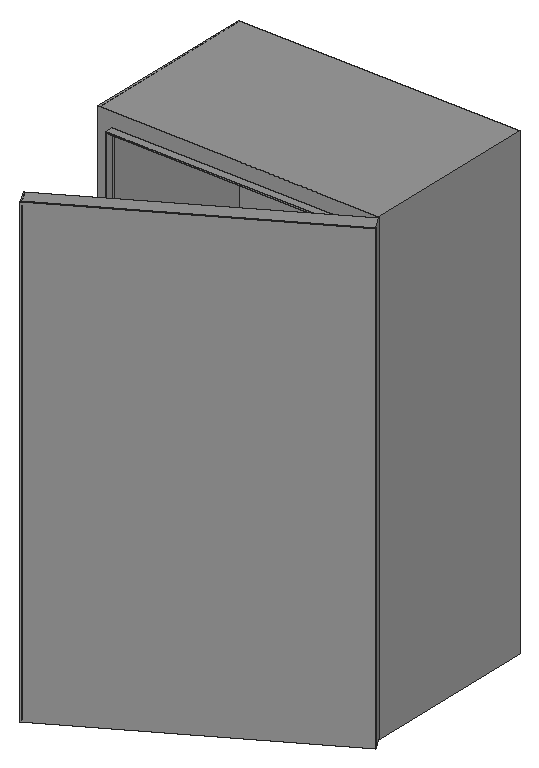
Revit family "Hager-Univers-IP44-D205-Cl.I-enclosure_metering-NoHosted-CH-it", category Electrical Equipment, Revit 2020
Family settings
  Panel Configuration = Two Columns, Circuits Across
  Round Connector Dimension = Use Diameter
  Part Type = Panelboard
  Work Plane-Based = Yes
  Always vertical = Yes
  Cut with Voids When Loaded = No
  Shared = No
  Room Calculation Point = No
Parameters (values of type "A parete IP44 L300 A500 P205  - ZB011T")
  Width Control [instance] = if([EF000008 - Larghezza] > Min Width, [EF000008 - Larghezza], Min Width)  # 300 mm
  Type Comments = [HG000003 - Gamma]  # "Univers"
  Thickness Door [instance] = if([EF009171 - spessore materiale porta/coperchio] > 3 mm, 3 mm, [EF009171 - spessore materiale porta/coperchio])  # 1 mm
  Seal Frame Offset [instance] = 17 mm  # constant formula
  Plinth Visibility [instance] = [HG000027 - Altezza dello zoccolo] > 0 mm  # no
  Min Width [instance] = 100 mm  # constant formula
  Min Depth [instance] = (2 * [EF009170 - spessore materiale scatola]) + 1 mm  # 3 mm
  Min Height [instance] = 100 mm  # constant formula
  Internal Frame Depth [instance] = (Door System Depth * 0.5)  # 9 mm
  Panel Name [instance] = ""  # (empty or 0)
  Model = ""
  HG000027 - Altezza dello zoccolo = 0 mm
  HG000026 - A pavimento = no
  HG000024 - Altezza della sezione inferiore = 600 mm
  HG000023 - Custodia a doppia sezione = no
  HG000016 - Visibilità delle porte nella vista 3D [instance] = yes
  HG000015 - Visibilità attraverso la porta [instance] = no
  HG000014 - Porta destra [instance] = yes
  HG000013 - Porta sinistra [instance] = not([HG000014 - Porta destra])  # no
  HG000012 - Angolo di apertura della porta [instance] = 30.00°
  HG000010 - Porte asimmetriche = no
  HG000009 - Porta doppia a battente = no
  HG000006 - Ad incasso = no
  HG000004 - Codice produttore = "ZB011T"
  HG000003 - Gamma = "Univers"
  HG000002 - Con porta = yes
  Frame Offset Bottom [instance] = 10 mm  # constant formula
  Frame Offset [instance] = 15 mm  # constant formula
  EF015940 - Coprire con rilascio di sovrapressione = no
  EF011959 - tipo di protezione (NEMA) = ""
  EF009554 - numero delle aperture per la piastra della flangia = 0
  EF009212 - esecuzione coperchio = "EV000116 - chiuso"
  EF009171 - spessore materiale porta/coperchio = 1 mm
  EF009170 - spessore materiale scatola = 1 mm
  EF008873 - corrente nominale (In) = 250 A
  EF007800 - adatto per parafulmine = no
  EF006306 - con serratura = no
  EF006244 - coperchio/porta trasparente = no
  EF005474 - grado di protezione (IP) = "EV006418 - IP44"
  EF004464 - tipo di porta = "EV002646 - singolo"
  EF004427 - numero di moduli = 48
  EF004293 - resistenza agli urti = "EV006815 - IK09"
  EF003532 - adatto per uso esterno = no
  EF002950 - Numero moduli DIN = 0
  EF001613 - Integrità del circuito = "EV000494 - senza"
  EF001596 - Attacco Lampada = "EV000179 - acciaio"
  EF001131 - profondità interna = 0 mm
  EF001088 - possibilità di applicazione = yes
  EF000437 - numero di ingressi per conduttori = 0
  EF000339 - tipo di copertura = "EV004216 - porta"
  EF000266 - numero di file = 4
  EF000218 - profondità di incasso = 0 mm
  EF000118 - con piastra di montaggio = no
  EF000116 - numero RAL = "9010"
  EF000049 - profondità = 205 mm
  EF000040 - Altezza = 500 mm
  EF000008 - Larghezza = 300 mm
  EF000007 - colore = "EV000202 - bianco"
  EF000003 - Tipo di montaggio = "EV000384 - A parete"
  Door System Leaf Tolerance [instance] = 1.5 mm  # constant formula
  Door System Depth [instance] = 18 mm  # constant formula
  Door Height [instance] = Height Control - [HG000027 - Altezza dello zoccolo]  # 500 mm
  Description = ""
  Default Elevation = 1219.2 mm
  Connector Offset [instance] = Height Control / 2  # 250 mm
  Manufacturer = "Hager"  # constant formula
  Height Control [instance] = if([EF000040 - Altezza] > Min Height, [EF000040 - Altezza], Min Height)  # 500 mm
  Depth Control [instance] = if([EF000049 - profondità] > Min Depth, [EF000049 - profondità], Min Depth)  # 205 mm
  Bottom Top Plate Trim [instance] = 1.5 mm  # constant formula
  Plinth height Ctrl [instance] = if([HG000027 - Altezza dello zoccolo] > 0 mm, [HG000027 - Altezza dello zoccolo], 12 mm)  # 12 mm
Types (3, lengths in mm): name | Width Control | HG000004 - Codice produttore | EF004464 - tipo di porta | EF004427 - numero di moduli | EF000266 - numero di file | EF000008 - Larghezza
  A parete IP44 L1050 A500 P205  - ZB014T | 1050 | "ZB014T" | "EV003602 - doppio" | 144 | 0 | 1050
  A parete IP44 L1300 A500 P205  - ZB015T | 1300 | "ZB015T" | "EV003602 - doppio" | 180 | 0 | 1300
  A parete IP44 L300 A500 P205  - ZB011T | 300 | "ZB011T" | "EV002646 - singolo" | 48 | 4 | 300
Reference planes
  plane 1 "Center (Front/Back)": y = 0
  plane 2: z = 0
  plane 3 "Center (Left/Right)": x = 0
  plane 4: y = 0
  plane 5: y = 0
  plane 6: z = 0
  plane 7: x = -150
  plane 8: x = 150
  plane 9: x = 149
  plane 10: x = -149
  plane 11: z = 0
  plane 12: z = 1
  plane 13: y = -205
  plane 14: y = -1
  plane 15: x = 0
  plane 16: y = -187
  plane 17: y = -204
  plane 18: y = -186
  plane 19: x = -134
  plane 20: x = 134
  plane 21: z = 11
  plane 22: x = -133
  plane 23: x = 133
  plane 24: z = 0
  plane 25: z = 500
  plane 26: z = 500
  plane 27: z = 484
  plane 28: z = 499
Forms (mm)
  Extrusion 1, solid, material "Hager_Steel_RAL7035_Light_Grey", detail levels medium+fine
    sketch origin (-208.679, -4572, 0) x (-1, 0, 0) y (0, -1, 0)
      loop
        line (-58.679, -4385) -> (-358.679, -4385) -> (-358.679, -4572) -> (-58.679, -4572) -> (-58.679, -4385)
    from 0 to 500
  Extrusion 2, void
    sketch origin (-350.771, -205, 1219.2) x (1, 0, 0) y (0, 0, 1)
      loop
        line (201.771, -720.2) -> (201.771, -1218.2) -> (499.771, -1218.2) -> (499.771, -720.2) -> (201.771, -720.2)
    from -19 to -204
  Extrusion 3, void
    sketch origin (-290.084, -187, 1219.2) x (1, 0, 0) y (0, 0, 1)
      loop
        line (156.084, -1208.2) -> (424.084, -1208.2) -> (424.084, -735.2) -> (156.084, -735.2) -> (156.084, -1208.2)
    from 0 to -1
  Extrusion 4, solid, material "Hager_Steel_RAL7035_Light_Grey", visible <- "Plinth Visibility", detail levels medium+fine
    sketch origin (0, 0, 0) x (1, 0, 0) y (0, 1, 0)
      loop
        line (-150, 0) -> (-150, -187) -> (150, -187) -> (150, 0) -> (-150, 0)
    from 0 to 12 <- "Plinth height Ctrl"
  Extrusion 5, solid, material "Hager_Steel_RAL7035_Light_Grey", detail levels coarse
    sketch origin (0, 0, 0) x (1, 0, 0) y (0, 1, 0)
      loop
        line (-150, 0) -> (-150, -205) -> (150, -205) -> (150, 0) -> (-150, 0)
    from 0 to 500 <- "Height Control"
  Sweep 6, void
    path in 3D
      loop
        line (-150, -187, 12) -> (150, -187, 12) -> (150, 0, 12) -> (-150, 0, 12) -> (-150, -187, 12)
    profile origin (-150, -93.5, 12) x (1, 0, 0) y (0, 0, 1)
      loop
        line (0, 0) -> (0, -1.5) -> (1.5, -1.5)
        arc (1.5, -1.5) -> (1.061, -0.439) -> (0, 0) r 1.5
  Extrusion 7, solid, material "Hager_Steel_RAL7035_Light_Grey", detail levels fine
    sketch origin (-150, -187, 0) x (1, 0, 0) y (0, 0, 1)
      loop
        line (16, 11) -> (284, 11) -> (284, 484) -> (16, 484) -> (16, 11)
      loop
        line (15, 10) -> (285, 10) -> (285, 485) -> (15, 485) -> (15, 10)
    from 0 to 9 <- "Internal Frame Depth"
Cuts and joins
  Extrusion 2, Extrusion 3 cuts Extrusion 1
  Sweep 6 cuts Extrusion 4
Lines and regions (mm)
  Masking region 1
    outline origin (0, 0, 0) x (1, 0, 0) y (0, 1, 0)
      loop
        line (-150, 0) -> (-150, -205) -> (150, -205) -> (150, 0) -> (-150, 0)
  Masking region 2, detail levels coarse
    outline origin (-290.084, -187, 1219.2) x (-1, 0, 0) y (0, 0, 1)
      loop
        line (-440.084, -1219.2) -> (-140.084, -1219.2) -> (-140.084, -719.2) -> (-440.084, -719.2) -> (-440.084, -1219.2)
  Masking region 3, detail levels coarse
    outline origin (0, 0, 0) x (0, 1, 0) y (0, 0, 1)
      loop
        line (0, 0) -> (0, 500) -> (-205, 500) -> (-205, 0) -> (0, 0)
  Masking region 4, visible <- "Plinth Visibility", detail levels medium+fine
    outline origin (0, 0, 0) x (0, 1, 0) y (0, 0, 1)
      loop
        line (-1.5, 12) -> (-185.5, 12)
        arc (-185.5, 12) -> (-185.939, 10.939) -> (-187, 10.5) r 1.5
        line (-187, 10.5) -> (-187, 0) -> (0, 0) -> (0, 10.5)
        arc (0, 10.5) -> (-1.061, 10.939) -> (-1.5, 12) r 1.5
  Masking region 5, detail levels medium+fine
    outline origin (0, 0, 594.038) x (0, 1, 0) y (0, 0, 1)
      loop
        line (0, -594.038) -> (0, -94.038) -> (-187, -94.038) -> (-187, -594.038) -> (0, -594.038)
  Masking region 6, detail levels medium+fine
    outline origin (-359.7, -187, 1211.883) x (-1, 0, 0) y (0, 0, 1)
      loop
        line (-509.7, -1211.883) -> (-209.7, -1211.883) -> (-209.7, -711.883) -> (-509.7, -711.883) -> (-509.7, -1211.883)
  Masking region 7, visible <- "Plinth Visibility", detail levels medium+fine
    outline origin (-320.334, -187, 1041.368) x (-1, 0, 0) y (0, 0, 1)
      loop
        line (-470.334, -1041.368) -> (-170.334, -1041.368) -> (-170.334, -1030.868)
        arc (-170.334, -1030.868) -> (-171.394, -1030.429) -> (-171.834, -1029.368) r 1.5
        line (-171.834, -1029.368) -> (-468.834, -1029.368)
        arc (-468.834, -1029.368) -> (-469.273, -1030.429) -> (-470.334, -1030.868) r 1.5
        line (-470.334, -1030.868) -> (-470.334, -1041.368)
  sketch lines
    curve 1: line (-150, 0, 12) -> (-150, -187, 12)
    curve 2: line (-150, -187, 12) -> (150, -187, 12)
    curve 3: line (150, 0, 12) -> (-150, 0, 12)
    curve 4: line (150, -187, 12) -> (150, 0, 12)
Dimensions and locks
  locked: plane 1 "Center (Front/Back)" to plane 5
  "EF009170 - spessore materiale scatola": plane 7 to plane 10
  "EF009170 - spessore materiale scatola": plane 8 to plane 9
  equal spacing: plane 7, plane 3 "Center (Left/Right)", plane 8
  "Width Control": plane 7 to plane 8
  "Depth Control": plane 4 to plane 13
  "EF009170 - spessore materiale scatola": plane 4 to plane 14
  "Height Control": plane 25 to level
  "HG000027 - Altezza dello zoccolo": plane 11 to level
  "EF009170 - spessore materiale scatola": plane 12 to plane 11
  "EF009170 - spessore materiale scatola": plane 17 to plane 13
  "EF009170 - spessore materiale scatola": plane 18 to plane 16
  "Frame Offset Bottom": plane 21 to plane 12
  "Frame Offset": plane 10 to plane 19
  "Frame Offset": plane 9 to plane 20
  "Door System Depth": plane 16 to plane 13
  "Seal Frame Offset": plane 7 to plane 22
  "Seal Frame Offset": plane 8 to plane 23
  "EF009170 - spessore materiale scatola": plane 26 to plane 28
  "Frame Offset": plane 28 to plane 27
  "Connector Offset": plane 2 to connector elem
  "Bottom Top Plate Trim": profile plane to Sweep 6 sketch curve
  "Bottom Top Plate Trim": Sweep 6 sketch curve to Sweep 6 sketch curve
  "Plinth height Ctrl": Masking region 4 sketch curve to level
  "Plinth height Ctrl": Masking region 7 sketch curve to level
  "Thickness Door": Extrusion 7 sketch curve to Extrusion 7 sketch curve  (x4)
  "Bottom Top Plate Trim": radius of Sweep 6 sketch curve
  "Bottom Top Plate Trim": radius of Masking region 4 sketch curve  (x2)
  "Bottom Top Plate Trim": radius of Masking region 7 sketch curve  (x2)
  aligned and locked: plane 12 to Extrusion 2 sketch curve
  aligned and locked: Extrusion 2 sketch curve to plane 9
  aligned and locked: Extrusion 2 sketch curve to plane 10
  aligned and locked: plane 14 to Extrusion 2
  aligned and locked: plane 4 to Extrusion 1 sketch curve
  aligned and locked: plane 8 to Extrusion 1 sketch curve
  aligned and locked: plane 7 to Extrusion 1 sketch curve
  aligned and locked: Extrusion 2 to plane 18
  aligned and locked: plane 19 to Extrusion 3 sketch curve
  aligned and locked: plane 20 to Extrusion 3 sketch curve
  aligned and locked: Extrusion 3 to Extrusion 2
  aligned and locked: Extrusion 3 sketch curve to plane 21
  aligned and locked: plane 3 "Center (Left/Right)" to nested 1
  aligned and locked: Extrusion 1 sketch curve to plane 16
  aligned and locked: Extrusion 4 sketch curve to cut or joined group of Extrusion 1, Extrusion 2, Extrusion 3
  aligned and locked: Masking region 1 sketch curve to plane 7
  aligned and locked: Masking region 1 sketch curve to plane 5
  aligned and locked: Masking region 1 sketch curve to plane 8
  aligned and locked: Masking region 2 sketch curve to level
  aligned and locked: level to Masking region 3 sketch curve
  aligned and locked: plane 1 "Center (Front/Back)" to Masking region 3 sketch curve
  aligned and locked: plane 13 to Masking region 3 sketch curve
  aligned and locked: plane 5 to Masking region 4 sketch curve
  aligned and locked: Masking region 2 sketch curve to plane 8
  aligned and locked: Masking region 2 sketch curve to plane 7
  aligned and locked: plane 7 to nested 2
  aligned and locked: nested 2 to plane 5
  aligned and locked: plane 5 to Masking region 5 sketch curve
  aligned and locked: plane 26 to Masking region 5 sketch curve
  aligned and locked: Extrusion 5 sketch curve to plane 8
  aligned and locked: Extrusion 5 sketch curve to plane 7
  aligned and locked: Extrusion 5 sketch curve to plane 5
  aligned and locked: plane 27 to Extrusion 3 sketch curve
  aligned and locked: Extrusion 2 sketch curve to plane 28
  aligned and locked: Masking region 2 to plane 25
  aligned and locked: Extrusion 4 to plane 16
  aligned and locked: profile plane to Sweep 6 sketch curve
  aligned and locked: Masking region 5 sketch curve to plane 24
  aligned and locked: level to Masking region 4 sketch curve
  aligned and locked: Masking region 1 to plane 13
  aligned and locked: nested 1 to plane 16
  aligned and locked: Masking region 3 to plane 25
  aligned and locked: plane 16 to Masking region 4 sketch curve
  aligned and locked: Masking region 5 sketch curve to plane 16
  aligned and locked: plane 24 to plane 11
  aligned and locked: plane 26 to plane 25
  aligned and locked: plane 26 to cut or joined group of Extrusion 1, Extrusion 2, Extrusion 3
  aligned and locked: nested 1 to plane 24
  aligned and locked: Extrusion 1 to Extrusion 3
  aligned and locked: Masking region 6 sketch curve to plane 8
  aligned and locked: plane 24 to Masking region 6 sketch curve
  aligned and locked: Masking region 6 sketch curve to plane 7
  aligned and locked: Masking region 6 sketch curve to plane 26
  aligned and locked: Masking region 7 sketch curve to plane 7
  aligned and locked: level to Masking region 7 sketch curve
  aligned and locked: Masking region 7 sketch curve to plane 8
  aligned and locked: Extrusion 7 sketch curve to cut or joined group of Extrusion 1, Extrusion 2, Extrusion 3  (x4)
Automatic sketch dimensions
  plane 19 to Extrusion 3 sketch curve = 0 mm
  Extrusion 3 sketch curve to plane 20 = 0 mm
  Extrusion 3 sketch curve to plane 21 = 0 mm
  Extrusion 4 sketch curve to plane 7 = 0 mm
  Extrusion 4 sketch curve to plane 8 = 0 mm
  Extrusion 4 sketch curve to plane 16 = 0 mm
  Masking region 1 sketch curve to plane 13 = 0 mm
  Masking region 2 sketch curve to plane 25 = 0 mm
  Masking region 3 sketch curve to plane 25 = 0 mm
  Extrusion 5 sketch curve to plane 13 = 0 mm
  profile plane to Sweep 6 sketch curve = 0 mm
Nested families
  nested 1: "EC000058_Univers_Door" at (0, -187, 0), Double <- "HG000009 - Porta doppia a battente", Transparent <- "EF006244 - coperchio/porta trasparente", Angle <- "HG000012 - Angolo di apertura della porta", Door_Right <- "HG000014 - Porta destra", Assymetrical <- "HG000010 - Porte asimmetriche", Door <- "HG000002 - Con porta", Width_Ctrl <- "Width Control", 3d_Door <- "HG000016 - Visibilità delle porte nella vista 3D", Clearance <- "HG000015 - Visibilità attraverso la porta", Door_Left <- "HG000013 - Porta sinistra", Width <- "Width Control", Door_Depth <- "Door System Depth", Leaf_Tolerance <- "Door System Leaf Tolerance", Height <- "Door Height", Lock_Visibility <- "EF006306 - con serratura", Thickness <- "Thickness Door", type "EC000058_Univers_Door", detail levels medium+fine
    with min_wh 3 mm, Width_Ctrl 300 mm, Width 300 mm, Transparent no, Thickness 1 mm, Seal_Material Hager_Rubber, Lock_Visibility no, Lock_Material Hager_Plastic_RAL9005_Jet_Black, Leaf_Width 300 mm, Leaf_Tolerance_External_Sides 0 mm, Leaf_Tolerance 1.5 mm, Leaf_Offset 0 mm, Leaf_Height 497 mm, Leaf_2_Width 300 mm, Leaf_2_Offset 150 mm, Leaf_1_Width 300 mm, Leaf_1_Offset 150 mm, Height_Ctrl 500 mm, Height 500 mm, Glass_Material Hager_Glass, Double_Clearance_Ctrl no, Double no, Door_Right_Ctrl yes, Door_Right yes, Door_Material Hager_Steel_RAL7035_Light_Grey, Door_Left_Ctrl no, Door_Left no, Door_Depth 18 mm, Door yes, Clearance_Material Hager_Clearance, Clearance_Depth 300 mm, Clearance_Ctrl no, Clearance no, Assymetrical no, Angle 30.00°, 3d_Door yes
  nested 2: "Hager_Enclosure_Symbol" at (-150, 0, 0), Height <- "Depth Control", Width <- "Width Control", type "Hager_Enclosure_Symbol"
    with Width_Ctrl 300 mm, Width 300 mm, Height_Ctrl 205 mm, Height 205 mm, A_Width_Int 13.453 mm, A_Width 161.438 mm, A_Height_Ctrl 179.375 mm, A_Height 179.375 mm
Connectors
  electrical at (0, 0, 250)
    settings: on plane 1 "Center (Front/Back)", index 1, voltage 0 V, apparent load 0 VA, apparent load phase1 0 VA, apparent load phase2 0 VA, apparent load phase3 0 VA, power factor 1, load classification "Other", number of poles 1, system type 30, power factor state 1, is connector primary yes, connector utility no, sub classification motor no, connector description ""
Definition of nested family "EC000058_Univers_Door"
  Parameters (values of type "EC000058_Univers_Door")
    min_wh [instance] = (2 * Thickness) + 1 mm  # 11 mm
    Width_Ctrl [instance] = 400 mm
    Width [instance] = 500 mm
    Transparent [instance] = yes
    Thickness [instance] = 5 mm
    Seal_Material [instance] = none
    Lock_Visibility [instance] = yes
    Lock_Material [instance] = none
    Leaf_Width [instance] = if((Width_Ctrl - 2 * Leaf_Tolerance_External_Sides) > 0 mm, (Width_Ctrl - 2 * Leaf_Tolerance_External_Sides), min_wh)  # 400 mm
    Leaf_Tolerance_External_Sides [instance] = 0 mm  # constant formula
    Leaf_Tolerance [instance] = 1.5 mm
    Leaf_Offset [instance] = 0 mm  # constant formula
    Leaf_Height [instance] = if((Height_Ctrl - 2 * Leaf_Tolerance) > 0 mm, (Height_Ctrl - 2 * Leaf_Tolerance), min_wh)  # 497 mm
    Leaf_2_Width [instance] = if(and(and(Double, Assymetrical), Door_Left), (Leaf_Width / 3) - (Leaf_Tolerance / 2), if(and(and(Double, Assymetrical), Door_Right), (Leaf_Width / 3) * 2 - (Leaf_Tolerance / 2), if(and(Double, not(Assymetrical)), (Leaf_Width / 2) - Leaf_Tolerance, Leaf_Width)))  # 400 mm
    Leaf_2_Offset [instance] = if(and(Double, Assymetrical), Leaf_2_Width / 2, if(and(Double, not(Assymetrical)), Leaf_Width / 4, Leaf_Width / 2))  # 200 mm
    Leaf_1_Width [instance] = if(and(and(Double, Assymetrical), Door_Right), (Leaf_Width / 3) - (Leaf_Tolerance / 2), if(and(and(Double, Assymetrical), Door_Left), (Width / 3) * 2 - (Leaf_Tolerance / 2), if(and(Double, not(Assymetrical)), (Leaf_Width / 2) - Leaf_Tolerance, Leaf_Width)))  # 400 mm
    Leaf_1_Offset [instance] = if(and(Double, Assymetrical), Leaf_1_Width / 2, if(and(Double, not(Assymetrical)), Leaf_Width / 4, Leaf_Width / 2))  # 200 mm
    Height_Ctrl [instance] = if(Height > min_wh, Height, min_wh)  # 500 mm
    Height [instance] = 500 mm
    Glass_Material [instance] = none
    Double_Clearance_Ctrl [instance] = and(Double, Clearance)  # no
    Double [instance] = no
    Door_Right_Ctrl [instance] = and(or(Door_Right, Double), Door)  # yes
    Door_Right [instance] = yes
    Door_Material [instance] = none
    Door_Left_Ctrl [instance] = and(or(Door_Left, Double), Door)  # no
    Door_Left [instance] = no
    Door_Depth [instance] = 30 mm
    Door [instance] = yes
    Default Elevation = 1219.2 mm
    Clearance_Material [instance] = none
    Clearance_Depth [instance] = if(Leaf_1_Width > Leaf_2_Width, Leaf_1_Width, Leaf_2_Width)  # 400 mm
    Clearance_Ctrl [instance] = and(not(Double), Clearance)  # yes
    Clearance [instance] = yes
    Assymetrical [instance] = yes
    Angle [instance] = 30.00°
    3d_Door [instance] = yes
  Reference planes
    plane 1 "Center (Front/Back)": y = 0
    plane 2 "Bottom": z = 0
    plane 3 "Center (Left/Right)": x = 0
    plane 4: z = 500
    plane 5: x = -200
    plane 6: x = 200
    plane 7: z = 500
    plane 8: x = -200
    plane 9: z = 0
    plane 10: x = 200
    plane 11: y = 0
    plane 12: z = 1.5
    plane 13: x = -600
    plane 14: y = -400
    plane 15: x = 600
    plane 16: x = 0
    plane 17: x = 0
    plane 18: x = -200
    plane 19: x = 200
    plane 20: z = 498.5
  Forms (mm)
    Extrusion 1, solid, material <- "Clearance_Material", visible <- "Double_Clearance_Ctrl"
      sketch origin (1200, 0, 0) x (1, 0, 0) y (0, 0, -1)
        loop
          line (-1800, -498.5) -> (-600, -498.5) -> (-600, 0) -> (-1800, 0) -> (-1800, -498.5)
      from 0 to -400
  Dimensions and locks
    equal spacing: plane 5, plane 3 "Center (Left/Right)", plane 6
    "Width_Ctrl": plane 5 to plane 6
    "Leaf_Offset": plane 5 to plane 8
    "Leaf_Offset": plane 6 to plane 10
    "Leaf_Offset": plane 9 to level
    "Leaf_Offset": plane 4 to plane 7
    "Height_Ctrl": plane 4 to level
    "Leaf_Tolerance": plane 12 to plane 9
    locked: plane 11 to plane 1 "Center (Front/Back)"
    "Leaf_1_Offset": plane 18 to plane 16
    "Leaf_2_Offset": plane 17 to plane 19
    "Leaf_1_Width": plane 13 to plane 8
    "Leaf_2_Width": plane 10 to plane 15
    "Clearance_Depth": plane 14 to plane 1 "Center (Front/Back)"
    "Leaf_Tolerance_External_Sides": plane 8 to plane 18
    "Leaf_Tolerance_External_Sides": plane 19 to plane 10
    "Leaf_Tolerance": plane 7 to plane 20
    aligned and locked: level to plane 2 "Bottom"
    aligned and locked: nested 1 to plane 16
    aligned and locked: nested 2 to plane 17
    aligned and locked: Extrusion 1 to plane 13
    aligned and locked: plane 15 to Extrusion 1
    aligned and locked: Extrusion 1 to plane 14
    aligned and locked: plane 12 to nested 1
    aligned and locked: nested 2 to plane 12
    aligned and locked: Extrusion 1 to plane 11
    aligned and locked: plane 20 to Extrusion 1
    aligned and locked: nested 2 to plane 11
    aligned and locked: nested 1 to plane 11
  Automatic sketch dimensions
    Extrusion 1 sketch curve to level = 0 mm
    plane 5 to Extrusion 1 sketch curve = 400 mm
    plane 6 to Extrusion 1 sketch curve = 400 mm
    Extrusion 1 sketch curve to plane 4 = 1.5 mm
  Nested families
    nested 1: "EC000058_Univers_Door_Leaf" at (0, 0, 1.5), Width <- "Leaf_1_Width", visible <- "Door_Left_Ctrl", Leaf_Height <- "Leaf_Height", Angle <- "Angle", 3d_Door <- "3d_Door", Transparent <- "Transparent", Clearance Material <- "Clearance_Material", Clearance <- "Clearance_Ctrl", Door_Material <- "Door_Material", Glass_Material <- "Glass_Material", Door_Depth <- "Door_Depth", Lock_Material <- "Lock_Material", Seal_Material <- "Seal_Material", Lock_Visibility <- "Lock_Visibility", Thickness <- "Thickness", type "EC000058_Univers_Door_Leaf"
      with Width 400 mm, Transparent_Glass_Offset 30 mm, Transparent_Ctrl yes, Transparent yes, Thickness 5 mm, Standard no, Seal_Material none, Seal_D2 8 mm, Seal_D1 1 mm, Offset_Internal_Frame 10 mm, Lock_Width 20 mm, Lock_Visibility_3d yes, Lock_Visibility yes, Lock_Thickness_3 3 mm, Lock_Thickness_2 1 mm, Lock_Thickness_1 3 mm, Lock_Radius_Offset_2 16 mm, Lock_Radius_Offset_1 15 mm, Lock_Radius_2 5 mm, Lock_Radius 6 mm, Lock_Offset 5 mm, Lock_Material none, Lock_Height 80 mm, Lock_Cover_Top_Offset_2d 17 mm, Lock_Cover_Height -65 mm, Leaf_Height 497 mm, Internal_Seal_Thickness 8 mm, Internal_Seal_Depth_2 4.5 mm, Internal_Frame_Depth 25 mm, Glass_Thickness -1 mm, Glass_Offset -2 mm, Glass_Material none, Door_Material none, Door_Depth 30 mm, Clearance Material none, Clearance yes, Angle_Ctrl 30.00°, Angle 30.00°, 3d_Door yes
    nested 2: "EC000058_Univers_Door_Leaf" at (0, 0, 1.5) x (-1, 0, 0) z (0, 0, 1), Width <- "Leaf_2_Width", visible <- "Door_Right_Ctrl", Leaf_Height <- "Leaf_Height", Angle <- "Angle", 3d_Door <- "3d_Door", Transparent <- "Transparent", Clearance Material <- "Clearance_Material", Clearance <- "Clearance_Ctrl", Door_Material <- "Door_Material", Glass_Material <- "Glass_Material", Door_Depth <- "Door_Depth", Lock_Material <- "Lock_Material", Seal_Material <- "Seal_Material", Lock_Visibility <- "Lock_Visibility", Thickness <- "Thickness", type "EC000058_Univers_Door_Leaf"
      with Width 400 mm, Transparent_Glass_Offset 30 mm, Transparent_Ctrl yes, Transparent yes, Thickness 5 mm, Standard no, Seal_Material none, Seal_D2 8 mm, Seal_D1 1 mm, Offset_Internal_Frame 10 mm, Lock_Width 20 mm, Lock_Visibility_3d yes, Lock_Visibility yes, Lock_Thickness_3 3 mm, Lock_Thickness_2 1 mm, Lock_Thickness_1 3 mm, Lock_Radius_Offset_2 16 mm, Lock_Radius_Offset_1 15 mm, Lock_Radius_2 5 mm, Lock_Radius 6 mm, Lock_Offset 5 mm, Lock_Material none, Lock_Height 80 mm, Lock_Cover_Top_Offset_2d 17 mm, Lock_Cover_Height -65 mm, Leaf_Height 497 mm, Internal_Seal_Thickness 8 mm, Internal_Seal_Depth_2 4.5 mm, Internal_Frame_Depth 25 mm, Glass_Thickness -1 mm, Glass_Offset -2 mm, Glass_Material none, Door_Material none, Door_Depth 30 mm, Clearance Material none, Clearance yes, Angle_Ctrl 30.00°, Angle 30.00°, 3d_Door yes
  Definition of nested family "EC000058_Univers_Door_Leaf"
    Parameters (values of type "EC000058_Univers_Door_Leaf")
      Width [instance] = 2000 mm
      Transparent_Glass_Offset [instance] = 30 mm
      Transparent_Ctrl [instance] = and(Transparent, [3d_Door])  # yes
      Transparent [instance] = yes
      Thickness [instance] = 5 mm
      Standard [instance] = and(not(Transparent), [3d_Door])  # no
      Seal_Material [instance] = none
      Seal_D2 [instance] = 8 mm  # constant formula
      Seal_D1 [instance] = 1 mm  # constant formula
      Offset_Internal_Frame [instance] = 10 mm  # constant formula
      Lock_Width [instance] = 20 mm  # constant formula
      Lock_Visibility_3d [instance] = and(Lock_Visibility, [3d_Door])  # yes
      Lock_Visibility [instance] = yes
      Lock_Thickness_3 [instance] = 3 mm  # constant formula
      Lock_Thickness_2 [instance] = 1 mm  # constant formula
      Lock_Thickness_1 [instance] = 3 mm  # constant formula
      Lock_Radius_Offset_2 [instance] = Lock_Radius_Offset_1 + 1 mm  # 16 mm
      Lock_Radius_Offset_1 [instance] = 15 mm  # constant formula
      Lock_Radius_2 [instance] = Lock_Radius - 1 mm  # 5 mm
      Lock_Radius [instance] = 6 mm  # constant formula
      Lock_Offset [instance] = 5 mm  # constant formula
      Lock_Material [instance] = none
      Lock_Height [instance] = 80 mm  # constant formula
      Lock_Cover_Top_Offset_2d [instance] = Lock_Radius_Offset_2 + 1 mm  # 17 mm
      Lock_Cover_Height [instance] = -(Lock_Height - Lock_Radius_Offset_1)  # -65 mm
      Leaf_Height [instance] = 2720.336 mm
      Internal_Seal_Thickness [instance] = 8 mm  # constant formula
      Internal_Seal_Depth_2 [instance] = 4.5 mm  # constant formula
      Internal_Frame_Depth [instance] = if(Door_Depth - Thickness > 5 mm, Door_Depth - Thickness, 5 mm)  # 25 mm
      Glass_Thickness [instance] = if(Thickness > 15 mm, Glass_Offset + 10 mm, -1 mm)  # -1 mm
      Glass_Offset [instance] = if(Thickness > 15 mm, -(Thickness + 10 mm) / 2, -2 mm)  # -2 mm
      Glass_Material [instance] = none
      Door_Material [instance] = none
      Door_Depth [instance] = 30 mm
      Default Elevation = 0 mm
      Clearance Material [instance] = none
      Clearance [instance] = yes
      Angle_Ctrl [instance] = if(Angle > 180.00°, 180.00°, Angle)  # 90.00°
      Angle [instance] = 90.00°
      3d_Door [instance] = yes
    Reference planes
      plane 1 "Center (Front/Back)": y = 0
      plane 2: z = 0
      plane 3 "Center (Left/Right)": x = 0
      plane 4: y = 2000
      plane 5: x = -1000
      plane 6: x = 1000
      plane 7: x = -3000
      plane 8: z = 2720.336
      plane 9: z = 30
      plane 10: z = 2690.336
      plane 11: x = 970
      plane 12: x = -970
      plane 13: y = -3
      plane 14: z = 107.833
      plane 15: y = -5
      plane 16: y = -223.314
      plane 17: x = -1000
      plane 18: z = 1360.168
      plane 19: y = 30
    Forms (mm)
      Extrusion 1, solid, material <- "Clearance Material", visible <- "Clearance"
        sketch origin (0, 0, 0) x (1, 0, 0) y (0, 0, 1)
          loop
            line (-3000, 2720.336) -> (-3000, 0) -> (1000, 0) -> (1000, 2720.336) -> (-3000, 2720.336)
        from 0 to -2000
      Extrusion 2, solid, material <- "Door_Material", visible <- "Standard", detail levels medium+fine
        sketch origin (-1000, 0, 0) x (0, 1, 0) y (-1, 0, 0)
          loop
            line (0, 30) -> (0, 25) -> (2000, 25) -> (2000, 30) -> (0, 30)
        from 0 to 2720.336 <- "Leaf_Height"
      Extrusion 3, solid, material <- "Door_Material", visible <- "Transparent_Ctrl", detail levels medium+fine
        sketch origin (-1000, 0, 0) x (0, 1, 0) y (-1, 0, 0)
          loop
            line (0, 25) -> (2000, 25) -> (2000, 30) -> (0, 30) -> (0, 25)
        from 0 to 2720.336 <- "Leaf_Height"
      Extrusion 4, void
        sketch origin (-1025, 2000, 0) x (0, 1, 0) y (0, 0, -1)
          loop
            line (-30, -2690.336) -> (-30, -30) -> (-1970, -30) -> (-1970, -2690.336) -> (-30, -2690.336)
        from 0 to 5 <- "Thickness"
      Sweep 5, solid, material <- "Seal_Material", visible <- "Transparent_Ctrl", detail levels fine
        path in 3D
          loop
            line (-1025, 30, 30) -> (-1025, 30, 2690.336) -> (-1025, 1970, 2690.336) -> (-1025, 1970, 30) -> (-1025, 30, 30)
        profile origin (-1025, 1000, 30) x (1, 0, 0) y (0, 0, 1)
          loop
            line (0, 0) -> (0, -8) -> (1, -8) -> (1, 0) -> (0, 0)
      Extrusion 6, solid, material <- "Glass_Material", visible <- "Transparent_Ctrl", detail levels medium+fine
        sketch origin (-1030, 0, 0) x (0, 1, 0) y (0, 0, -1)
          loop
            line (1970, -2690.336) -> (1970, -30) -> (30, -30) -> (30, -2690.336) -> (1970, -2690.336)
        from -2 <- "Glass_Offset" to -1 <- "Glass_Thickness"
      Extrusion 7, solid, material <- "Door_Material", visible <- "3d_Door", detail levels medium+fine
        sketch origin (-1025, 2000, 0) x (0, -1, 0) y (0, 0, -1)
          loop
            line (0, -2720.336) -> (2000, -2720.336) -> (2000, 0) -> (0, 0) -> (0, -2720.336)
          loop
            line (1995, -5) -> (5, -5) -> (5, -2715.336) -> (1995, -2715.336) -> (1995, -5)
        from 0 to 25 <- "Internal_Frame_Depth"
      Sweep 8, solid, material <- "Seal_Material", visible <- "Transparent_Ctrl", detail levels fine
        path in 3D
          loop
            line (-1025, 0, 0) -> (-1025, 2000, 0) -> (-1025, 2000, 2720.336) -> (-1025, 0, 2720.336) -> (-1025, 0, 0)
        profile origin (-1025, 0, 1360.168) x (1, 0, 0) y (0, 1, 0)
          loop
            line (0, 10) -> (2.975, 10)
            arc (2.975, 10) -> (4.053, 10.447) -> (4.5, 11.525) r 1.525
            line (4.5, 11.525) -> (4.5, 16.527)
            arc (4.5, 16.527) -> (4.069, 17.569) -> (3.027, 18) r 1.473
            line (3.027, 18) -> (0, 18) -> (0, 10)
      Extrusion 9, solid, material <- "Lock_Material", visible <- "Lock_Visibility_3d", detail levels fine
        sketch origin (-1030, 0, 0) x (0, 1, 0) y (0, 0, -1)
          loop
            arc (1993.5, -1400.168) -> (1994.561, -1399.729) -> (1995, -1398.668) r 1.5
            line (1995, -1398.668) -> (1995, -1320.168) -> (1975, -1320.168) -> (1975, -1398.668)
            arc (1975, -1398.668) -> (1975.439, -1399.729) -> (1976.5, -1400.168) r 1.5
            line (1976.5, -1400.168) -> (1993.5, -1400.168)
        from 3 <- "Lock_Thickness_1" to 0
      Blend 10, solid, material <- "Lock_Material", visible <- "Lock_Visibility_3d", detail levels fine
        base sketch origin (-1033, 0, 0) x (0, 1, 0) y (0, 0, -1)
          loop
            line (1975, -1320.168) -> (1975, -1398.668)
            arc (1975, -1398.668) -> (1975.439, -1399.729) -> (1976.5, -1400.168) r 1.5
            line (1976.5, -1400.168) -> (1993.5, -1400.168)
            arc (1993.5, -1400.168) -> (1994.561, -1399.729) -> (1995, -1398.668) r 1.5
            line (1995, -1398.668) -> (1995, -1320.168) -> (1975, -1320.168)
        top sketch origin (-1033, 0, 0) x (0, 1, 0) y (0, 0, -1)
          loop
            line (1976, -1320.168) -> (1976, -1398.668)
            arc (1976, -1398.668) -> (1976.146, -1399.022) -> (1976.5, -1399.168) r 0.5
            line (1976.5, -1399.168) -> (1993.5, -1399.168)
            arc (1993.5, -1399.168) -> (1993.854, -1399.022) -> (1994, -1398.668) r 0.5
            line (1994, -1398.668) -> (1994, -1320.168) -> (1976, -1320.168)
        from 0 to 1 <- "Lock_Thickness_2"
      Blend 11, solid, material <- "Lock_Material", visible <- "Lock_Visibility_3d", detail levels fine
        base sketch origin (-1034, 0, 0) x (0, 1, 0) y (0, 0, -1)
          loop
            line (1978, -1320.168) -> (1978, -1384.168)
            arc (1978, -1384.168) -> (1985, -1391.168) -> (1992, -1384.168) r 7
            line (1992, -1384.168) -> (1992, -1320.168) -> (1978, -1320.168)
        top sketch origin (-1034, 0, 0) x (0, 1, 0) y (0, 0, -1)
          loop
            line (1991, -1320.168) -> (1979, -1320.168) -> (1979, -1383.168)
            arc (1979, -1383.168) -> (1985, -1389.168) -> (1991, -1383.168) r 6
            line (1991, -1383.168) -> (1991, -1320.168)
        from 0 to 3 <- "Lock_Thickness_3"
      Extrusion 12, solid, material <- "Lock_Material", visible <- "Lock_Visibility_3d", detail levels fine
        sketch origin (-1030, 1975, 1320.168) x (1, 0, 0) y (0, -1, 0)
          loop
            line (-7, -19) -> (-7, -1) -> (0, -1) -> (0, 0) -> (-8, 0) -> (-8, -20) -> (0, -20) -> (0, -19) -> (-7, -19)
        from 0 to -65 <- "Lock_Cover_Height"
      Extrusion 13, void
        sketch origin (-1038, 1995, 1320.168) x (-1, 0, 0) y (0, 0, -1)
          loop
            line (-5, -65) -> (0, -65) -> (-5, -60) -> (-5, -65)
        from 0 to 20 <- "Lock_Width"
      Extrusion 14, void
        sketch origin (-1038, 1975, 1320.168) x (0, -1, 0) y (0, 0, -1)
          loop
            circle (-10, -15.995) r 6
          loop
            circle (-10, -15.995) r 5
        from 0 to 2
      Extrusion 15, solid, material <- "Lock_Material", visible <- "Lock_Visibility_3d", detail levels medium
        sketch origin (-1030, 0, 0) x (0, 1, 0) y (0, 0, -1)
          loop
            arc (1993.5, -1400.168) -> (1994.561, -1399.729) -> (1995, -1398.668) r 1.5
            line (1995, -1398.668) -> (1995, -1320.168) -> (1975, -1320.168) -> (1975, -1398.668)
            arc (1975, -1398.668) -> (1975.439, -1399.729) -> (1976.5, -1400.168) r 1.5
            line (1976.5, -1400.168) -> (1993.5, -1400.168)
        from 8 to 0
    Cuts and joins
      Extrusion 4 cuts Extrusion 3
      Extrusion 13, Extrusion 14 cuts Extrusion 9
      Extrusion 14 cuts Blend 11
      Extrusion 13, Extrusion 14 cuts Extrusion 12
      joined: Extrusion 9, Blend 10, Blend 11, Extrusion 12
      Extrusion 14 cuts Extrusion 15
    Lines and regions (mm)
      Masking region 1, visible <- "Lock_Visibility", detail levels fine
        outline origin (0, 0, 0) x (0, 1, 0) y (0, 0, 1)
          loop
            line (30, 1320.168) -> (33, 1320.168) -> (33, 1400.168) -> (30, 1400.168) -> (30, 1320.168)
      Masking region 2, visible <- "Lock_Visibility", detail levels fine
        outline origin (0, 3.143, 0) x (0, 1, 0) y (0, 0, 1)
          loop
            line (29.857, 1354.168) -> (30.857, 1354.168) -> (30.857, 1366.168) -> (29.857, 1366.168) -> (29.857, 1354.168)
      Masking region 3, detail levels medium+fine
        outline origin (0, 0, 0) x (0, 1, 0) y (0, 0, 1)
          loop
            line (0, 0) -> (30, 0) -> (30, 2720.336) -> (0, 2720.336) -> (0, 0)
      Masking region 4, detail levels medium+fine
        outline origin (0, 0, 0) x (1, 0, 0) y (0, 0, 1)
          loop
            line (-1000, 2720.336) -> (-1000, 0) -> (1000, 0) -> (1000, 2720.336) -> (-1000, 2720.336)
      Masking region 5, visible <- "Lock_Visibility", detail levels fine
        outline origin (-47.116, 0, 0) x (1, 0, 0) y (0, 0, 1)
          loop
            arc (1024.616, 1399.168) -> (1023.556, 1398.729) -> (1023.116, 1397.668) r 1.5
            line (1023.116, 1397.668) -> (1023.116, 1320.168) -> (1041.116, 1320.168) -> (1041.116, 1397.668)
            arc (1041.116, 1397.668) -> (1040.677, 1398.729) -> (1039.616, 1399.168) r 1.5
            line (1039.616, 1399.168) -> (1024.616, 1399.168)
      Masking region 6, visible <- "Lock_Visibility", detail levels medium+fine
        outline origin (-25, 0, 0) x (1, 0, 0) y (0, 0, 1)
          loop
            arc (1001.5, 1400.168) -> (1000.439, 1399.729) -> (1000, 1398.668) r 1.5
            line (1000, 1398.668) -> (1000, 1320.168) -> (1020, 1320.168) -> (1020, 1398.668)
            arc (1020, 1398.668) -> (1019.561, 1399.729) -> (1018.5, 1400.168) r 1.5
            line (1018.5, 1400.168) -> (1001.5, 1400.168)
      Masking region 7, visible <- "Lock_Visibility", detail levels fine
        outline origin (-73.735, 0, 0) x (1, 0, 0) y (0, 0, 1)
          loop
            line (1051.735, 1382.168) -> (1065.735, 1382.168) -> (1065.735, 1384.168)
            arc (1065.735, 1384.168) -> (1058.735, 1391.168) -> (1051.735, 1384.168) r 7
            line (1051.735, 1384.168) -> (1051.735, 1382.168)
      Masking region 8, visible <- "Lock_Visibility", detail levels fine
        outline origin (-73.735, 0, 0) x (1, 0, 0) y (0, 0, 1)
          loop
            line (1052.735, 1382.168) -> (1064.735, 1382.168) -> (1064.735, 1383.168)
            arc (1064.735, 1383.168) -> (1058.735, 1389.168) -> (1052.735, 1383.168) r 6
            line (1052.735, 1383.168) -> (1052.735, 1382.168)
      Masking region 9, visible <- "Lock_Visibility", detail levels fine
        outline origin (-25, 0, 0) x (1, 0, 0) y (0, 0, 1)
          loop
            line (1020, 1320.168) -> (1020, 1382.168) -> (1000, 1382.168) -> (1000, 1320.168) -> (1020, 1320.168)
      Masking region 10, detail levels medium+fine
        outline origin (0, 0, 0) x (1, 0, 0) y (0, 0, 1)
          loop
            circle (985, 1335.144) r 6
      Masking region 11, detail levels fine
        outline origin (0, 0, 0) x (1, 0, 0) y (0, 0, 1)
          loop
            circle (985, 1335.144) r 5
      Masking region 12, visible <- "Lock_Visibility", detail levels fine
        outline origin (0, 12.767, 0) x (0, 1, 0) y (0, 0, 1)
          loop
            line (20.233, 1320.168) -> (21.233, 1320.168) -> (21.233, 1399.168) -> (20.233, 1400.168) -> (20.233, 1320.168)
      Masking region 13, visible <- "Lock_Visibility", detail levels fine
        outline origin (0, 13.767, -10) x (0, 1, 0) y (0, 0, 1)
          loop
            line (20.233, 1330.168) -> (23.233, 1330.168) -> (23.233, 1399.168) -> (20.233, 1402.168) -> (20.233, 1330.168)
      Masking region 14, visible <- "Lock_Visibility", detail levels fine
        outline origin (0, 12.767, -10) x (0, 1, 0) y (0, 0, 1)
          loop
            line (20.233, 1330.168) -> (25.233, 1330.168) -> (25.233, 1399.305) -> (20.233, 1394.305) -> (20.233, 1330.168)
      Masking region 15, visible <- "Lock_Visibility", detail levels medium
        outline origin (0, 0, 0) x (0, 1, 0) y (0, 0, 1)
          loop
            line (30, 1320.168) -> (38, 1320.168) -> (38, 1400.168) -> (30, 1400.168) -> (30, 1320.168)
      Masking region 16, visible <- "Lock_Visibility", detail levels fine
        outline origin (-1000, 0, 0) x (0, 1, 0) y (-1, 0, 0)
          loop
            line (1975, 30) -> (1995, 30) -> (1995, 38) -> (1975, 38) -> (1975, 30)
          loop
            line (1979, 37) -> (1976, 37) -> (1976, 34) -> (1978, 34) -> (1979, 37)
          loop
            line (1994, 37) -> (1991, 37) -> (1992, 34) -> (1994, 34) -> (1994, 37)
      Masking region 17, visible <- "Lock_Visibility", detail levels medium
        outline origin (-1000, 0, 0) x (0, 1, 0) y (-1, 0, 0)
          loop
            line (1975, 30) -> (1995, 30) -> (1995, 38) -> (1975, 38) -> (1975, 30)
      symbolic lines
        curve 1: line (1000, 0, 0) -> (-3000, 0, 0)
        curve 2: arc (1000, 0, 0) -> (-1000, 2000, 0) -> (-3000, 0, 0) r 2000
        curve 4: line (-1030, 0, 0) -> (-1030, 2000, 0)
      reference lines
        curve 3: line (-1000, 0, 0) -> (-1000, 2000, 0)
      symbolic lines, detail levels medium+fine
        curve 5: line (-1030, 2000, 0) -> (-1025, 2000, 0)
        curve 7: line (-1025, 0, 0) -> (-1030, 0, 0)
        curve 8: line (-1025, 0, 0) -> (-1000, 0, 0)
        curve 9: line (-1000, 0, 0) -> (-1000, 2000, 0)
        curve 10: line (-1000, 2000, 0) -> (-1025, 2000, 0)
      symbolic lines, detail levels fine
        curve 6: line (-1025, 2000, 0) -> (-1025, 0, 0)
      sketch lines
        curve 11: line (-1025, 0, 2720.336) -> (-1025, 0, 0)
        curve 12: line (-1025, 2000, 0) -> (-1025, 0, 0)
        curve 13: line (-1025, 2000, 2720.336) -> (-1025, 2000, 0)
        curve 14: line (-1025, 0, 2720.336) -> (-1025, 2000, 2720.336)
        curve 15: line (-1025, 1970, 30) -> (-1025, 30, 30)
        curve 16: line (-1025, 30, 30) -> (-1025, 30, 2690.336)
        curve 17: line (-1025, 1970, 2690.336) -> (-1025, 1970, 30)
        curve 18: line (-1025, 30, 2690.336) -> (-1025, 1970, 2690.336)
      symbolic lines, visible <- "Transparent", detail levels medium+fine
        curve 19: line (-970, 0, 2690.336) -> (970, 0, 2690.336)
        curve 20: line (-970, 0, 30) -> (-970, 0, 2690.336)
        curve 21: line (970, 0, 30) -> (-970, 0, 30)
        curve 22: line (970, 0, 2690.336) -> (970, 0, 30)
    Dimensions and locks
      "Width": plane 1 "Center (Front/Back)" to plane 4
      equal spacing: plane 5, plane 3 "Center (Left/Right)", plane 6
      "Width": plane 5 to plane 6
      "Width": plane 7 to plane 5
      "Leaf_Height": plane 8 to level
      "Width": curve 5 to curve 3
      "Width": curve 3 to curve 3
      plane 8 to plane 10 = 30 mm
      plane 9 to level = 30 mm
      plane 12 to plane 5 = 30 mm
      plane 6 to plane 11 = 30 mm
      Extrusion 1 to Extrusion 4 sketch curve = 30 mm
      "Transparent_Glass_Offset": curve 3 to Extrusion 4 sketch curve
      "Transparent_Glass_Offset": Extrusion 4 sketch curve to cut or joined group of Extrusion 3, Extrusion 4  (x2)
      cut or joined group of Extrusion 3, Extrusion 4 to Extrusion 6 sketch curve = 30 mm
      "Transparent_Glass_Offset": cut or joined group of Extrusion 3, Extrusion 4 to Extrusion 4 sketch curve
      "Thickness": curve 6 to curve 4
      "Thickness": Extrusion 7 sketch curve to Extrusion 7 sketch curve  (x4)
      "Door_Depth": curve 4 to curve 3
      "Offset_Internal_Frame": profile plane to Sweep 8 sketch curve
      "Internal_Seal_Thickness": Sweep 8 sketch curve to Sweep 8 sketch curve
      "Internal_Seal_Depth_2": profile plane to Sweep 8 sketch curve
      "Seal_D1": profile plane to Sweep 5 sketch curve
      "Seal_D2": profile plane to Sweep 5 sketch curve
      "Thickness": Extrusion 2 sketch curve to Extrusion 2 sketch curve
      equal spacing: Extrusion 9 sketch curve, plane 18, Extrusion 9 sketch curve  (x2)
      equal spacing: Masking region 1 sketch curve, plane 18, Masking region 1 sketch curve
      "Lock_Height": Masking region 1 sketch curve to Masking region 1 sketch curve
      "Lock_Radius": Masking region 2 sketch curve to plane 18 to Masking region 2 sketch curve
      Masking region 2 sketch curve to Masking region 1 = 1 mm
      "Door_Depth": plane 19 to plane 1 "Center (Front/Back)"
      "Lock_Thickness_1": Masking region 1 sketch curve to plane 19
      "Lock_Width": Extrusion 9 sketch curve to Extrusion 9 sketch curve
      "Lock_Height": Extrusion 9 sketch curve to Extrusion 9 sketch curve
      "Lock_Offset": cut or joined group of Extrusion 3, Extrusion 4 to Extrusion 9 sketch curve
      equal spacing: plane 8, plane 18, level
      "Lock_Radius_Offset_1": Blend 11 sketch curve to Blend 10
      locked: Blend 10 to Blend 11 sketch curve at 2  (x2)
      locked: var sketch to Blend 11 sketch curve at 1  (x2)
      "Lock_Radius_Offset_2": Blend 11 sketch curve to Blend 10
      locked: Extrusion 12 sketch curve to Extrusion 12 sketch curve at 1  (x3)
      Masking region 6 sketch curve to Masking region 6 sketch curve = 80 mm
      "Lock_Height": Masking region 6 sketch curve to Masking region 6 sketch curve
      "Lock_Width": Masking region 6 sketch curve to Masking region 6 sketch curve
      locked: Masking region 6 to Masking region 5 sketch curve at 1  (x3)
      locked: Masking region 5 to Masking region 7 sketch curve at 2  (x2)
      "Lock_Radius_Offset_1": Masking region 5 to Masking region 7 sketch curve
      "Lock_Radius_Offset_2": Masking region 5 to Masking region 8 sketch curve
      locked: Masking region 7 to Masking region 8 sketch curve at 1  (x2)
      "Lock_Cover_Top_Offset_2d": Masking region 5 to Masking region 9 sketch curve
      equal spacing: Masking region 9, Masking region 10 sketch curve, Masking region 9
      equal spacing: Masking region 9, Masking region 11 sketch curve, Masking region 9
      Extrusion 15 sketch curve to Extrusion 15 sketch curve = 80 mm
      "Lock_Width": Extrusion 15 sketch curve to Extrusion 15 sketch curve
      "Lock_Height": Extrusion 15 sketch curve to Extrusion 15 sketch curve
      equal spacing: Extrusion 15 sketch curve, plane 18, Extrusion 15 sketch curve
      "Lock_Thickness_3": Masking region 13 sketch curve to Masking region 13 sketch curve
      "Lock_Height": Masking region 12 sketch curve to Masking region 12 sketch curve
      locked: Masking region 13 sketch curve to Masking region 1 at 8
      locked: Masking region 14 sketch curve to Masking region 13 at 1
      locked: Masking region 14 sketch curve to Masking region 1 at 10.863
      "Lock_Height": Masking region 15 sketch curve to Masking region 15 sketch curve
      "Lock_Offset": Extrusion 15 sketch curve to cut or joined group of Extrusion 3, Extrusion 4
      "Lock_Offset": plane 6 to Masking region 6 sketch curve
      radius of Sweep 8 sketch curve = 1.525 mm
      radius of Sweep 8 sketch curve = 1.473 mm
      radius of Extrusion 9 sketch curve = 1.5 mm  (x2)
      "Lock_Radius": radius of Extrusion 14 sketch curve
      "Lock_Radius_2": radius of Extrusion 14 sketch curve
      "Lock_Radius": radius of Masking region 10 sketch curve
      "Lock_Radius_2": radius of Masking region 11 sketch curve
      radius of Extrusion 15 sketch curve = 1.5 mm  (x2)
      "Angle_Ctrl": angle plane 1 "Center (Front/Back)" to curve 3
      locked: Masking region 12 sketch curve to Masking region 12 sketch curve (angle 45.00°)
      locked: Masking region 13 sketch curve to Masking region 13 sketch curve (angle 45.00°)
      locked: Masking region 14 sketch curve to Masking region 14 sketch curve (angle 45.00°)
      aligned and locked: level to plane 2
      aligned and locked: Extrusion 1 to curve 1
      aligned and locked: plane 6 to Extrusion 1
      aligned and locked: Extrusion 1 to plane 1 "Center (Front/Back)"
      aligned and locked: plane 4 to Extrusion 1
      aligned and locked: plane 8 to Extrusion 1
      aligned and locked: curve 7 to Extrusion 2 sketch curve
      aligned and locked: curve 5 to Extrusion 2 sketch curve
      aligned and locked: curve 7 to Extrusion 3 sketch curve
      aligned and locked: Extrusion 3 sketch curve to curve 4
      aligned and locked: Extrusion 3 sketch curve to curve 6
      aligned and locked: Extrusion 3 sketch curve to curve 5
      aligned and locked: curve 9 to curve 3
      aligned and locked: Extrusion 7 sketch curve to cut or joined group of Extrusion 3, Extrusion 4  (x4)
      aligned and locked: plane 17 to curve 3
      aligned and locked: plane 1 "Center (Front/Back)" to curve 3
      aligned and locked: plane 17 to plane 5
      aligned and locked: Sweep 8 sketch curve to profile plane
      aligned and locked: Sweep 5 sketch curve to profile plane  (x2)
      aligned and locked: Masking region 1 to Masking region 2 sketch curve
      aligned and locked: plane 19 to Masking region 1 sketch curve
      aligned and locked: plane 1 "Center (Front/Back)" to Masking region 3 sketch curve
      aligned and locked: plane 19 to Masking region 3 sketch curve
      aligned and locked: level to Masking region 3 sketch curve
      aligned and locked: Masking region 3 sketch curve to plane 8
      aligned and locked: plane 17 to Masking region 4 sketch curve
      aligned and locked: level to Masking region 4 sketch curve
      aligned and locked: Masking region 4 sketch curve to plane 8
      aligned and locked: plane 12 to curve 20
      aligned and locked: plane 10 to curve 19
      aligned and locked: plane 11 to curve 22
      aligned and locked: curve 21 to plane 9
      aligned and locked: Extrusion 2 sketch curve to cut or joined group of Extrusion 3, Extrusion 4
      aligned and locked: Blend 10 sketch curve to Extrusion 9  (x4)
      aligned and locked: Extrusion 9 to Blend 10 sketch curve
      aligned and locked: Blend 10 to Blend 11 sketch curve
      aligned and locked: Extrusion 12 sketch curve to Blend 11
      aligned and locked: Extrusion 12 sketch curve to Extrusion 9  (x4)
      aligned and locked: Masking region 5 sketch curve to Masking region 6
      aligned and locked: Masking region 9 sketch curve to Masking region 6  (x3)
      aligned and locked: Masking region 12 sketch curve to Masking region 1
      aligned and locked: Masking region 13 sketch curve to Masking region 1
      aligned and locked: Masking region 12 to Masking region 14
      aligned and locked: Masking region 14 sketch curve to Masking region 1
      aligned and locked: Masking region 15 sketch curve to Masking region 14
      aligned and locked: Masking region 13 sketch curve to Masking region 12
      aligned and locked: Masking region 16 sketch curve to cut or joined group of Extrusion 14, Extrusion 15  (x4)
      aligned and locked: Masking region 16 sketch curve to cut or joined group of Extrusion 9, Blend 10, Blend 11, Extrusion 12, Extrusion 13, Extrusion 14  (x6)
      aligned and locked: cut or joined group of Extrusion 9, Blend 10, Blend 11, Extrusion 12, Extrusion 13, Extrusion 14 to Masking region 16 sketch curve
      aligned and locked: Masking region 17 sketch curve to cut or joined group of Extrusion 14, Extrusion 15  (x3)
      aligned and locked: Masking region 17 sketch curve to cut or joined group of Extrusion 9, Blend 10, Blend 11, Extrusion 12, Extrusion 13, Extrusion 14
      aligned and locked: Masking region 9 to Masking region 8 sketch curve
      aligned and locked: Masking region 9 to Masking region 7 sketch curve
    Automatic sketch dimensions
      plane 1 "Center (Front/Back)" to curve 2 = 0 mm
      curve 2 to plane 5 = 0 mm
      Extrusion 1 sketch curve to level = 0 mm
      Extrusion 1 sketch curve to plane 7 = 0 mm
      Extrusion 1 sketch curve to plane 6 = 0 mm
      Extrusion 1 sketch curve to plane 8 = 0 mm
      Extrusion 3 to Extrusion 6 sketch curve = 30 mm  (x4)
      Masking region 4 sketch curve to plane 6 = 0 mm
      Blend 10 sketch curve to Extrusion 9 = 1.5 mm
      Blend 10 sketch curve to Extrusion 9 = 1 mm
      Extrusion 13 sketch curve to Extrusion 12 = 0 mm  (x2)
      Extrusion 12 to Extrusion 13 sketch curve = 3 mm
      Extrusion 13 sketch curve to Extrusion 12 = 5 mm
      Extrusion 14 sketch curve to Extrusion 14 sketch curve = 0 mm  (x2)
      Extrusion 14 sketch curve to Extrusion 12 = 10 mm
      Extrusion 14 sketch curve to Extrusion 12 = 15.995 mm
      Masking region 5 sketch curve to Masking region 5 sketch curve = 1.5 mm  (x2)
      Masking region 10 sketch curve to plane 18 = 25.024 mm
      Masking region 11 sketch curve to plane 18 = 25.024 mm
      plane 19 to Masking region 14 sketch curve = 3 mm
      Masking region 16 sketch curve to Masking region 16 sketch curve = 3 mm
      curve 4 to curve 3 = 0 mm
      Blend 10 to Blend 11 sketch curve = 0 mm
      Masking region 6 sketch curve to Masking region 6 sketch curve = 1.5 mm  (x2)
      Masking region 6 sketch curve to plane 18 = 40 mm
      plane 19 to Masking region 12 sketch curve = 3 mm
      Masking region 12 sketch curve to Masking region 12 sketch curve = 1 mm
      Masking region 15 sketch curve to plane 19 = 0 mm
      Masking region 15 sketch curve to plane 18 = 40 mm
      radius of Blend 10 sketch curve to Extrusion 9 = 1 mm
Definition of nested family "Hager_Enclosure_Symbol"
  Parameters (values of type "Hager_Enclosure_Symbol")
    Width_Ctrl [instance] = if(Width > 1 mm, Width, 1 mm)  # 102.27 mm
    Width [instance] = 102.27 mm
    Height_Ctrl [instance] = if(Height > 1 mm, Height, 1 mm)  # 66.5 mm
    A_Width_Int [instance] = if(A_Width / 12 > 2 mm, A_Width / 12, 2 mm)  # 4.364 mm
    A_Width [instance] = if(A_Height_Ctrl * 0.9 > 2 mm, A_Height_Ctrl * 0.9, 2 mm)  # 52.369 mm
    A_Height_Ctrl [instance] = if(A_Height > 2 mm, A_Height, 2 mm)  # 58.188 mm
    Height [instance] = 66.5 mm
    A_Height [instance] = Height - (Height / 8)  # 58.188 mm
  Reference planes
    plane 1 "Centre (avant/arrière)": y = 0
    plane 2: z = 0
    plane 3 "Centre (gauche/droite)": x = 0
    plane 4: x = 52.369
    plane 5: y = 33.042
    plane 6: y = 41.77
    plane 7: y = 66.5
    plane 8: x = 26.184
    plane 9: y = 37.406
    plane 10: x = 102.27
    plane 11: y = 66.5
    plane 12: y = 8.313
  Lines and regions (mm)
    Filled region 1, type "Solid_Black", in view "Niveau de réf."
      outline origin (0, 0, 0) x (1, 0, 0) y (0, 1, 0)
        loop
          line (52.369, 66.5) -> (33.188, 54.536) -> (45.365, 45.006) -> (52.369, 66.5)
    Filled region 2, type "Solid_Black", in view "Niveau de réf."
      outline origin (0, 0, 0) x (1, 0, 0) y (0, 1, 0)
        loop
          line (0, 0) -> (102.27, 0) -> (102.27, 66.5) -> (0, 0)
    detail lines, in view "Niveau de réf."
      curve 1: line (0, 8.313, 0) -> (26.184, 41.77, 0)
      curve 2: line (26.184, 41.77, 0) -> (26.184, 33.042, 0)
      curve 3: line (26.184, 33.042, 0) -> (52.369, 66.5, 0)
  Dimensions and locks
    "A_Width": plane 3 "Centre (gauche/droite)" to plane 4
    equal spacing: plane 3 "Centre (gauche/droite)", plane 8, plane 4
    equal spacing: plane 6, plane 9, plane 5
    equal spacing: curve 3, Filled region 1 sketch curve, Filled region 1 sketch curve
    "Height_Ctrl": plane 1 "Centre (avant/arrière)" to plane 11
    "A_Height_Ctrl": plane 11 to plane 12
    equal spacing: plane 11, plane 9, plane 12
    "A_Width_Int": plane 6 to plane 9
    "Width_Ctrl": plane 3 "Centre (gauche/droite)" to plane 10
    angle Filled region 1 sketch curve to curve 3 = 20.00°
    angle curve 3 to Filled region 1 sketch curve = 20.00°
    locked: curve 3 to Filled region 1 sketch curve (angle 90.00°)
    aligned and locked: plane 10 to Filled region 2
    aligned and locked: plane 11 to Filled region 2 sketch curve
    aligned and locked: plane 10 to Filled region 2 sketch curve
    aligned and locked: plane 3 "Centre (gauche/droite)" to curve 1
    aligned and locked: plane 12 to curve 1
    aligned and locked: plane 7 to plane 11
  Automatic sketch dimensions
    Filled region 1 sketch curve to plane 4 = 0 mm
    Filled region 1 sketch curve to plane 7 = 0 mm
    plane 1 "Centre (avant/arrière)" to Filled region 2 sketch curve = 0 mm
    Filled region 2 sketch curve to plane 3 "Centre (gauche/droite)" = 0 mm
    curve 2 to plane 6 = 0 mm
    curve 2 to plane 8 = 0 mm
    curve 3 to plane 4 = 0 mm
    curve 2 to plane 5 = 0 mm
    curve 3 to plane 7 = 0 mm
